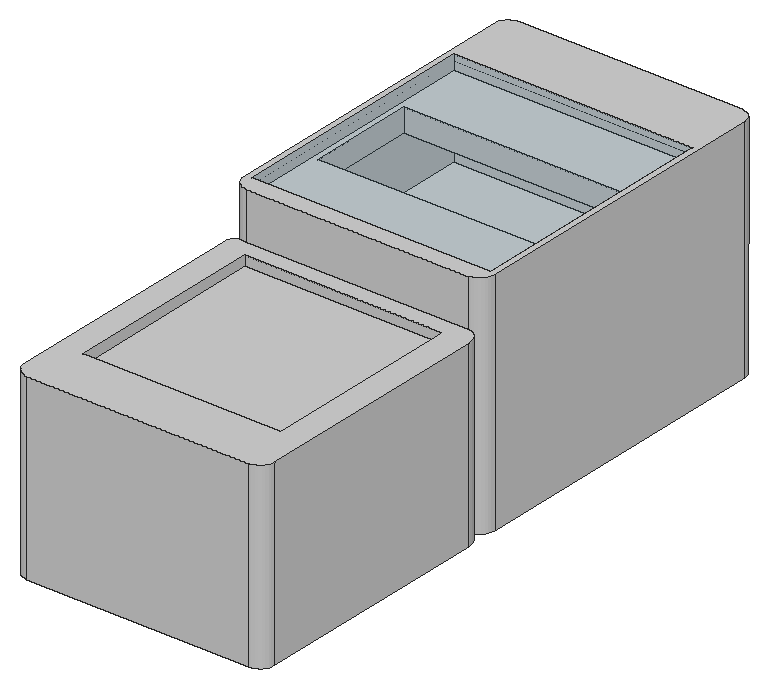
Revit family "Building-IEC309Boards-GEWISS-68QDIN-DISTRIBUTION-BOARD-5MOD_1SOCKET-OUTLET", category Apparecchi elettrici, host Superficie, Revit 2019
Family settings
  Host = Superficie
  Mantenere orientamento annotazione = Sì
  Quota connettore circolare = Usa diametro
  Tipo di parte = Normale
  Taglio con vuoti quando caricato = No
  Condiviso = No
  Punto di calcolo locali = Sì
Parameters (values of type "GW68017N - Q-DIN 5M 1 FLANGE S.O.16A IP65")
  visibilita posizionamento 2d [instance] = yes
  simbolo 2d [instance] = yes
  oggetto in pianta [instance] = not(visibilita posizionamento 2d)  # no
  n_moduli = 5 mm  # constant formula
  l_Moduli = 95 mm  # constant formula
  distanza_simbolo [instance] = 0.1 mm
  bordo acceso [instance] = yes
  Visibilità sportello [instance] = yes
  Version type = "Empty"
  Version file RFA = "21.5"
  VETRO = Vetro
  URL = "https://www.gewiss.com/ww/en"
  Thermo-pressure with ball = "70 °C"
  Technical sheet = "https://www.gewiss.com/ww/en/search?q=GW68017N"
  Spostamento_effettivo_S [instance] = 4000 mm - Spostamento_S  # 3000 mm
  Spostamento_S = 1000 mm
  Simbolo_quadro [instance] = not(simbolo 2d)  # no
  Shock resistance = "IK08"
  STRUTTURA ALTA = Poche
  STRUTTURA = RAL - 7035
  SEO = "Board"
  Realized by GEWISS S.p.A. = ""
  Default Elevation = 1219.2 mm
  Produttore = "GEWISS S.p.A."
  PRESA = rosso
  POMELLO = bianco
  Operating temperature: = "-25 +40 °C"
  No. of provided blank lids = "-"
  No. of modules EN 50022 = "5"
  Modello = "GW68017N"
  Insulation class = "II"
  Installation type = "Surface-mounting"
  Immagine tipo = GW68017N.jpg
  IP degree = "IP65"
  IDT = "ee7be3a0-8e2c-4958-911f-c8bff68fcaa4"
  IDF = "90e3c910-4dd1-4086-b25c-8148c449f2aa"
  Houseable socket = "1 IEC 309 16A IP44/67"
  Glow Wire Test = "650°C"
  Electrocod = "2242"
  EAN code = "8011564744851"
  Dispersible power B (W) = "37"
  Dispersible power A (W) = "10"
  Descrizione = "Q-DIN 5M 1 FLANGE S.O.16A IP65"
  Colour = "Grey RAL 7035"
  Catalogue Range = "68 QDIN"
  Catalogue = "BUILDING"
  COBie.Tagnumber = ""
  COBie.CreatedOn = ""
  COBie.CreatebBy = ""
  COBie.ComponentRegisterItemID = ""
  COBie.Component.TagNumber = ""
  COBie.Component.Space = ""
  COBie.Component.SerialNumber = ""
  COBie.Component.InstallationDate = ""
  COBie.Component.Description = ""
  COBie.Component.BarCode = ""
  Accordance with Standards = "EN 60208 - EN 60670-1 - IEC 60670-24"
Reference planes
  plane 1 "Centro (Fronte/Retro)": y = 0
  plane 2: z = 0
  plane 3 "Centro (Sinistra/Destra)": x = 0
  plane 4: x = -3000
  plane 5: x = 0
Forms (mm)
  Extrusion 1, solid, material "RAL - 7035" <- "STRUTTURA", detail levels coarse
    sketch origin (0, 0, 0) x (0, 1, 0) y (0, 0, 1)
      loop
        line (0, 0) -> (258, 0) -> (258, 93.422) -> (0, 93.422) -> (0, 0)
    from -52.5 to 52.5
Lines and regions (mm)
  Masking region 1, visible <- "visibilita posizionamento 2d"
    outline origin (0, 0, 0) x (1, 0, 0) y (0, 0, 1)
      loop
        line (-52.5, 0) -> (52.5, 0) -> (52.5, 96) -> (-52.5, 96) -> (-52.5, 0)
Dimensions and locks
  plane 4 to plane 3 "Centro (Sinistra/Destra)" = 3000 mm
  "Spostamento_effettivo_S": plane 4 to plane 5
  aligned and locked: plane 2 to host face
  aligned and locked: level to host face
  aligned and locked: nested 1 to plane 5
  aligned and locked: plane 3 "Centro (Sinistra/Destra)" to nested 2
  aligned and locked: nested 3 to plane 5
  aligned and locked: plane 1 "Centro (Fronte/Retro)" to nested 2
  aligned and locked: Extrusion 1 sketch curve to nested 2  (x3)
  aligned and locked: nested 2 to Extrusion 1 sketch curve
  aligned and locked: Extrusion 1 to nested 2  (x2)
  aligned and locked: Masking region 1 sketch curve to nested 2  (x4)
Automatic sketch dimensions
  host sketch curve to host sketch curve = 2438.4 mm  (x2)
Nested families
  nested 1: "CENTRALINO" at (0, 737.795, 0), BORDO ACCESO <- "bordo acceso", SIMBOLO ACCESO <- "simbolo 2d", Distanza dal muro <- "distanza_simbolo", visible <- "simbolo 2d", type "CENTRALINO"
    with SIMBOLO ACCESO yes, Distanza dal muro 0.1 mm, BORDO ACCESO yes
  nested 2: "base_QDIN5 QUADRO_1_ PRESa IND" at (0, 115, 0), Visibilità sportello <- "Visibilità sportello", type "base_QDIN5 QUADRO_1_ PRESa IND", detail levels medium+fine
  nested 3: "simb_CENTRALINO_BASE_cad pro" at (0, 737.795, 0), Distanza dal muro <- "distanza_simbolo", visible <- "Simbolo_quadro", SIMBOLO ACCESO <- "Simbolo_quadro", type "simb_CENTRALINO_BASE_cad pro"
    with SIMBOLO ACCESO no, Distanza dal muro 0.1 mm, BORDO ACCESO yes
Definition of nested family "base_QDIN5 QUADRO_1_ PRESa IND"
  Parameters (values of type "base_QDIN5 QUADRO_1_ PRESa IND")
    n_moduli = 5 mm
    Visibilità sportello [instance] = yes
    Vetro = none
    Struttura = none
    Spessore = 96 mm  # constant formula
    Default Elevation = 14 mm
    Presa = none
    Lunghezza = 105 mm
    L_moduli = n_moduli * 19  # 95 mm
    LARGHEZZA = 105 mm
    IFC.TypeObject = ""
    IFC.ExportType = ""
    IFC.ExportAs = ""
    COBie.CreatedOn = ""
    COBie.CreatebBy = ""
    COBie.ComponentRegisterItemID = ""
    COBie.Component.TagNumber = ""
    COBie.Component.Space = ""
    COBie.Component.SerialNumber = ""
    COBie.Component.InstallationDate = ""
    COBie.Component.Description = ""
    COBie.Component.BarCode = ""
    Altezza quadro = 138 mm  # constant formula
    Altezza = 258 mm
  Reference planes
    plane 1 "Centro (Fronte/Retro)": y = 0
    plane 2: z = 0
    plane 3 "Centro (Sinistra/Destra)": x = 0
    plane 4: x = -52.5
    plane 5: x = 52.5
    plane 6: z = 76.196
    plane 7: x = -50.097
    plane 8: x = 50.089
    plane 9: z = 80.196
    plane 10: y = -7
    plane 11: y = -91.926
    plane 12: y = 7
    plane 13: y = 113
    plane 14: y = 143
    plane 15: y = -115
    plane 16 "posizione modulari": z = 90
    plane 17: z = 96
    plane 18: y = 83.5
    plane 19: y = 38.5
    plane 20: z = 93.422
    plane 21: z = 55.273
    plane 22: y = 61
    plane 23: z = 72.007
    plane 24: x = -47.5
    plane 25: x = 47.5
  Forms (mm)
    Extrusion 1, solid, material <- "Struttura"
      sketch origin (0, -731.701, 0) x (1, 0, 0) y (0, 1, 0)
        loop
          arc (-46.494, 874.701) -> (-50.741, 872.942) -> (-52.5, 868.695) r 6.006
          line (-52.5, 868.695) -> (-52.5, 737.707)
          arc (-52.5, 737.707) -> (-50.741, 733.46) -> (-46.494, 731.701) r 6.006
          line (-46.494, 731.701) -> (46.494, 731.701)
          arc (46.494, 731.701) -> (50.741, 733.46) -> (52.5, 737.707) r 6.006
          line (52.5, 737.707) -> (52.5, 868.695)
          arc (52.5, 868.695) -> (50.741, 872.942) -> (46.494, 874.701) r 6.006
          line (46.494, 874.701) -> (-46.494, 874.701)
      from 0 to 96
    Extrusion 2, solid, material <- "Struttura"
      sketch origin (0, -731.701, 0) x (1, 0, 0) y (0, 1, 0)
        loop
          line (44.95, 731.701) -> (-48.88, 731.701)
          arc (-48.88, 731.701) -> (-51.44, 730.641) -> (-52.5, 728.081) r 3.62
          line (-52.5, 728.081) -> (-52.5, 622.707)
          arc (-52.5, 622.707) -> (-50.741, 618.46) -> (-46.494, 616.701) r 6.006
          line (-46.494, 616.701) -> (46.494, 616.701)
          arc (46.494, 616.701) -> (50.741, 618.46) -> (52.5, 622.707) r 6.006
          line (52.5, 622.707) -> (52.5, 724.151)
          arc (52.5, 724.151) -> (50.289, 729.489) -> (44.95, 731.701) r 7.55
      from 0 to 76.196
    Extrusion 3, void
      sketch origin (0, -731.701, 0) x (1, 0, 0) y (0, 1, 0)
        loop
          line (-50.097, 844.701) -> (-50.097, 738.701) -> (50.089, 738.701) -> (50.089, 844.701) -> (-50.097, 844.701)
      from 55.273 to 96
    Extrusion 4, solid, material <- "Struttura"
      sketch origin (0, -731.701, 0) x (1, 0, 0) y (0, 1, 0)
        loop
          line (-50.097, 844.701) -> (-50.097, 738.701) -> (50.089, 738.701) -> (50.089, 844.701) -> (-50.097, 844.701)
      from 80.196 to 90
    Extrusion 5, void
      sketch origin (0, -731.701, 0) x (1, 0, 0) y (0, 1, 0)
        loop
          line (-41.5, 724.701) -> (-41.5, 639.775) -> (41.5, 639.775) -> (41.5, 724.701) -> (-41.5, 724.701)
      from 72.007 to 76.196
    Extrusion 6, solid, material <- "Vetro", visible <- "Visibilità sportello"
      sketch origin (0, 0, 0) x (1, 0, 0) y (0, 1, 0)
        loop
          line (-50.097, 7) -> (50.089, 7) -> (50.089, 113) -> (-50.097, 113) -> (-50.097, 7)
      from 93.422 to 96
    Extrusion 7, void
      sketch origin (0, 0, 0) x (1, 0, 0) y (0, 1, 0)
        loop
          line (-47.5, 83.5) -> (-47.5, 38.5) -> (47.5, 38.5) -> (47.5, 83.5) -> (-47.5, 83.5)
      from 55.273 to 90
  Cuts and joins
    Extrusion 3, Extrusion 7 cuts Extrusion 1
    Extrusion 7 cuts Extrusion 6
    Extrusion 7 cuts Extrusion 4
    Extrusion 5 cuts Extrusion 2
  Lines and regions (mm)
    symbolic lines
      curve 1: line (-41.5, 61, 90) -> (41.5, 61, 90)
    model lines
      curve 2: line (-41.5, 61, 90) -> (41.5, 61, 90)
  Dimensions and locks
    equal spacing: plane 4, plane 3 "Centro (Sinistra/Destra)", plane 5  (x2)
    "Lunghezza": plane 4 to plane 5
    locked: plane 4 to plane 7 at 2.403
    locked: plane 8 to plane 5 at 2.411
    plane 4 to plane 5 = 105 mm  (x2)
    locked: Extrusion 5 to Extrusion 5 at 84.926
    plane 1 "Centro (Fronte/Retro)" to plane 14 = 143 mm
    plane 15 to plane 1 "Centro (Fronte/Retro)" = 115 mm
    locked: plane 1 "Centro (Fronte/Retro)" to plane 10 at 7
    locked: plane 6 to plane 9 at 4
    plane 9 to level = 80.196 mm
    locked: plane 17 to plane 16 "posizione modulari" at 6
    plane 17 to plane 6 = 19.804 mm
    plane 14 to plane 13 = 30 mm
    locked: plane 13 to plane 12 at 106
    locked: plane 17 to plane 20 at 2.578
    locked: plane 18 to plane 14 at 59.5
    locked: plane 18 to plane 19 at 45
    locked: plane 6 to plane 21 at 20.923
    locked: plane 23 to plane 6 at 4.189
    equal spacing: plane 24, plane 3 "Centro (Sinistra/Destra)", plane 25
    "L_moduli": plane 24 to plane 25
    aligned and locked: level to plane 2
    aligned and locked: Extrusion 1 sketch curve to plane 5
    aligned and locked: Extrusion 1 sketch curve to plane 4
    aligned and locked: Extrusion 2 sketch curve to plane 5
    aligned and locked: Extrusion 2 sketch curve to plane 4
    aligned and locked: plane 6 to Extrusion 2
    aligned and locked: Extrusion 3 sketch curve to plane 8
    aligned and locked: Extrusion 3 sketch curve to plane 7
    aligned and locked: Extrusion 4 sketch curve to plane 8
    aligned and locked: Extrusion 4 sketch curve to plane 7
    aligned and locked: Extrusion 4 to plane 9
    aligned and locked: plane 1 "Centro (Fronte/Retro)" to Extrusion 1 sketch curve
    aligned and locked: Extrusion 2 sketch curve to plane 1 "Centro (Fronte/Retro)"
    aligned and locked: plane 14 to Extrusion 1 sketch curve
    aligned and locked: plane 15 to Extrusion 2 sketch curve
    aligned and locked: Extrusion 5 sketch curve to plane 10
    aligned and locked: Extrusion 5 sketch curve to plane 11
    aligned and locked: plane 16 "posizione modulari" to Extrusion 4
    aligned and locked: plane 13 to cut or joined group of Extrusion 1, Extrusion 3, Extrusion 7
    aligned and locked: Extrusion 3 to plane 12
    aligned and locked: Extrusion 6 sketch curve to plane 7
    aligned and locked: Extrusion 6 sketch curve to plane 13
    aligned and locked: Extrusion 6 sketch curve to plane 8
    aligned and locked: Extrusion 6 sketch curve to plane 12
    aligned and locked: Extrusion 6 to plane 20
    aligned and locked: plane 17 to Extrusion 6
    aligned and locked: Extrusion 4 sketch curve to plane 13
    aligned and locked: plane 12 to Extrusion 4 sketch curve
    aligned and locked: Extrusion 7 sketch curve to plane 18
    aligned and locked: Extrusion 7 sketch curve to plane 19
    aligned and locked: cut or joined group of Extrusion 1, Extrusion 3, Extrusion 7 to plane 21
    aligned and locked: Extrusion 7 to plane 21
    aligned and locked: plane 16 "posizione modulari" to Extrusion 7
    aligned and locked: curve 2 to plane 22
    aligned and locked: Extrusion 5 to plane 23
    aligned and locked: Extrusion 5 to plane 6
    aligned and locked: plane 24 to Extrusion 7 sketch curve
    aligned and locked: plane 25 to Extrusion 7 sketch curve
  Automatic sketch dimensions
    Extrusion 2 sketch curve to plane 7 = 1.217 mm
    plane 8 to Extrusion 2 sketch curve = 5.139 mm
    Extrusion 3 sketch curve to plane 1 "Centro (Fronte/Retro)" = 7 mm
    Extrusion 3 sketch curve to plane 1 "Centro (Fronte/Retro)" = 113 mm
    plane 8 to Extrusion 1 sketch curve = 3.595 mm  (x2)
    plane 8 to Extrusion 2 sketch curve = 3.595 mm
    plane 8 to Extrusion 5 sketch curve = 8.589 mm
    plane 8 to curve 2 = 8.589 mm
    Extrusion 1 sketch curve to plane 12 = 0.994 mm
    Extrusion 1 sketch curve to plane 7 = 3.603 mm
    Extrusion 2 sketch curve to plane 7 = 3.603 mm
    Extrusion 5 sketch curve to plane 7 = 8.597 mm
    curve 1 to plane 7 = 8.597 mm
Definition of nested family "CENTRALINO"
  Parameters (values of type "CENTRALINO")
    SIMBOLO ACCESO [instance] = yes
    Distanza dal muro [instance] = 0 mm
    BORDO ACCESO [instance] = yes
  Reference planes
    plane 1: y = 0
    plane 2: x = 0
  Dimensions and locks
    "Distanza dal muro": plane 1 to nested 1
    aligned and locked: plane 2 to nested 1
  Nested families
    nested 1: "CENTRALINO_BASE" at (0, 0, 0), BORDO ACCESO <- "BORDO ACCESO", visible <- "SIMBOLO ACCESO", type "CENTRALINO"
      with BORDO ACCESO yes
  Definition of nested family "CENTRALINO_BASE"
    Parameters (values of type "CENTRALINO")
      Distanza dal muro = 0 mm
      BORDO ACCESO [instance] = yes
    Reference planes
      plane 1: y = 0
      plane 2: x = 0
    Lines and regions (mm)
      detail lines, visible <- "BORDO ACCESO", not visible
        curve 1: line (-2.443, 10.208, 0) -> (2.057, 10.208, 0)
        curve 2: line (2.057, 10.208, 0) -> (2.057, 4.208, 0)
        curve 3: line (2.057, 4.208, 0) -> (-2.443, 4.208, 0)
        curve 4: line (-2.443, 4.208, 0) -> (-2.443, 10.208, 0)
        curve 5: line (-2.043, 9.808, 0) -> (1.657, 9.808, 0)
        curve 6: line (1.657, 9.808, 0) -> (1.657, 4.608, 0)
        curve 7: line (1.657, 4.608, 0) -> (-2.043, 4.608, 0)
        curve 8: line (-2.043, 4.608, 0) -> (-2.043, 9.808, 0)
      detail lines
        curve 9: line (0, 0.671, 0) -> (0, 0, 0)
        curve 10: line (0.659, 0.671, 0) -> (0.659, 1.33, 0)
        curve 11: line (0.659, 1.33, 0) -> (-0.659, 1.33, 0)
        curve 12: line (-0.659, 1.33, 0) -> (-0.659, 0.671, 0)
        curve 13: line (-0.659, 0.671, 0) -> (0.659, 0.671, 0)
        curve 14: line (0.497, 1.33, 0) -> (0.497, 2, 0)
        curve 15: line (0.167, 1.33, 0) -> (0.167, 2, 0)
        curve 16: line (-0.162, 1.33, 0) -> (-0.162, 2, 0)
        curve 17: line (-0.491, 1.33, 0) -> (-0.491, 2, 0)
Definition of nested family "simb_CENTRALINO_BASE_cad pro"
  Parameters (values of type "simb_CENTRALINO_BASE_cad pro")
    SIMBOLO ACCESO [instance] = yes
    Distanza dal muro [instance] = 0 mm
    BORDO ACCESO [instance] = yes
  Reference planes
    plane 1: y = 0
    plane 2: x = 0
  Dimensions and locks
    "Distanza dal muro": plane 1 to nested 1
    aligned and locked: plane 2 to nested 1
  Nested families
    nested 1: "CENTRALINO_BASE_cad pro" at (0, 0, 0), type "CENTRALINO"
  Definition of nested family "CENTRALINO_BASE_cad pro"
    Parameters (values of type "CENTRALINO")
      Distanza dal muro = 0 mm
    Reference planes
      plane 1: y = 0
      plane 2: x = 0
    Lines and regions (mm)
      detail lines
        curve 1: line (1.33, 1.33, 0) -> (2.109, 1.33, 0)
        curve 2: line (2.109, 1.33, 0) -> (2.109, 0, 0)
        curve 3: line (2.109, 0, 0) -> (1.33, 0, 0)
        curve 4: line (1.33, 0, 0) -> (-1.33, 1.33, 0)
        curve 5: line (-1.33, 1.33, 0) -> (1.33, 1.33, 0)
        curve 6: line (1.33, 1.33, 0) -> (1.33, 0, 0)
        curve 7: line (1.33, 0, 0) -> (-1.33, 0, 0)
        curve 8: line (-1.33, 0, 0) -> (-1.33, 1.33, 0)
        curve 9: line (1.461, 0.665, 0) -> (1.977, 0.665, 0)
        curve 10: line (1.719, 0.665, 0) -> (1.719, 1.01, 0)
        curve 11: arc (1.977, 0.406, 0) -> (1.719, 0.665, 0) -> (1.461, 0.406, 0) r 0.258
